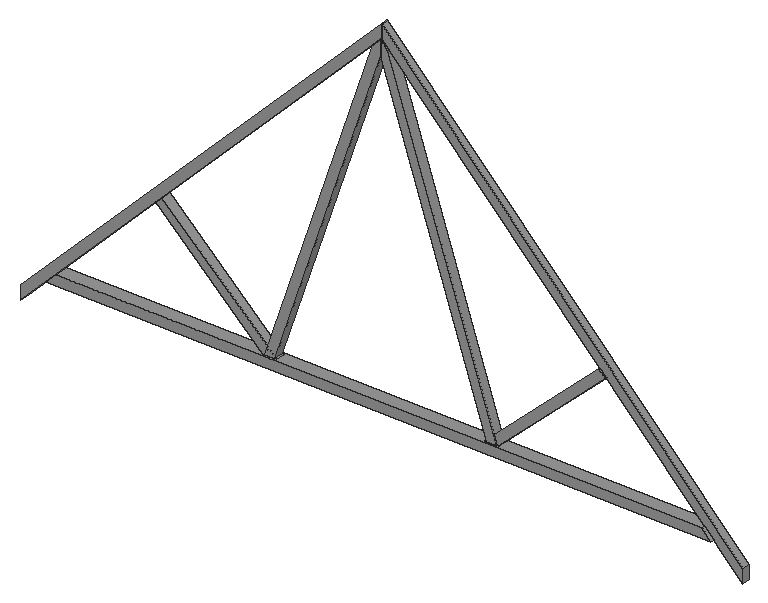
Revit family "FinkTruss", category Structural Framing, Revit 2022
Family settings
  Section Shape = Not Defined
  Material for Model Behavior = Wood
  Always export as geometry = No
  OmniClass Number = 23.25.30.21.14
  OmniClass Title = Trussed Beams and Joists
  Work Plane-Based = No
  Always vertical = Yes
  Cut with Voids When Loaded = No
  Symbolic Representation = From Family
  Shared = No
  Show family pre-cut in plan views = Yes
Parameters
  WebWidth [instance] = 100 mm
  WebDepth [instance] = 100 mm
  T_Volume [instance] = 0.00 m³
  TopWidth [instance] = 75 mm
  Structural Material [instance] = Poche
  SpanRight [instance] = 3500 mm
  SpanLeft [instance] = 3500 mm
  Span [instance] = SpanLeft + SpanRight  # 7000 mm
  SlopeRight [instance] = 45.00°
  SlopeLeft [instance] = 45.00°
  OverhangRight [instance] = 300 mm
  OverhangLeft [instance] = 300 mm
  TopDepth [instance] = 100 mm
  BottomWidth [instance] = 150 mm
  BottomDepth [instance] = 100 mm
Reference planes
  plane 1 "Center (Front/Back)": y = 0
  plane 2: z = 0
  plane 3 "Center (Left/Right)": x = 0
  plane 4: x = -3500
  plane 5: x = 3500
  plane 6: x = 3800
  plane 7: x = -3800
  plane 8: z = 100
  plane 9: x = 1166.667
  plane 10: x = -1166.667
  plane 11: x = 2333.333
  plane 12: x = -2333.333
Forms (mm)
  Extrusion 1, solid, material "Cherry"
    sketch origin (0, 0, 0) x (1, 0, 0) y (0, 0, 1)
      loop
        line (-3800, -300) -> (0, 3500) -> (0, 3641.421) -> (-3800, -158.579) -> (-3800, -300)
    from -37.5 to 37.5
  Extrusion 2, solid, material "Cherry"
    sketch origin (0, 0, 0) x (1, 0, 0) y (0, 0, 1)
      loop
        line (3800, -300) -> (3800, -158.579) -> (0, 3641.421) -> (0, 3500) -> (3800, -300)
    from -37.5 to 37.5
  Extrusion 3, solid, material "Cherry"
    sketch origin (0, 0, 0) x (1, 0, 0) y (0, 0, 1)
      loop
        line (-3500, 0) -> (3500, 0) -> (3400, 100) -> (-3400, 100) -> (-3500, 0)
    from -75 to 75
  Extrusion 4, solid, material "Cherry"
    sketch origin (0, 0, 0) x (1, 0, 0) y (0, 0, 1)
      loop
        line (1240.766, 100) -> (2368.724, 1131.276) -> (2297.943, 1202.057) -> (1092.567, 100) -> (1240.766, 100)
    from -50 to 50
  Extrusion 5, solid, material "Cherry"
    sketch origin (0, 0, 0) x (1, 0, 0) y (0, 0, 1)
      loop
        line (0, 3345.946) -> (0, 3500) -> (-80.476, 3419.524) -> (-1219.528, 100) -> (-1113.805, 100) -> (0, 3345.946)
    from -50 to 50
  Extrusion 6, solid, material "Cherry"
    sketch origin (0, 0, 0) x (1, 0, 0) y (0, 0, 1)
      loop
        line (-1092.567, 100) -> (-2297.943, 1202.057) -> (-2368.724, 1131.276) -> (-1240.766, 100) -> (-1092.567, 100)
    from -50 to 50
  Extrusion 7, solid, material "Cherry"
    sketch origin (0, 0, 0) x (1, 0, 0) y (0, 0, 1)
      loop
        line (80.476, 3419.524) -> (0, 3500) -> (0, 3345.946) -> (1113.805, 100) -> (1219.528, 100) -> (80.476, 3419.524)
    from -50 to 50
Lines and regions (mm)
  reference lines
    curve 1: line (3500, 0, 0) -> (1307.969, 0, 2192.031)
    curve 2: line (-3500, 0, 0) -> (-1025.126, 0, 2474.874)
    curve 3: line (3535.636, 0, 105.785) -> (-8.024, 0, 3649.445)
    curve 4: line (-3495.19, 0, 146.231) -> (-66.332, 0, 3575.09)
    curve 5: line (0, 37.5, 1939.254) -> (0, 37.5, -520.746)
    curve 6: line (0, -37.5, 1939.254) -> (0, -37.5, -520.746)
    curve 7: line (0, 0, 3500) -> (1166.667, 0, 100)
    curve 8: line (1166.667, 0, 100) -> (2333.333, 0, 1166.667)
    curve 9: line (-39.357, 0, 3460.643) -> (1148.103, 0, 0.046)
    curve 10: line (1104.505, 0, 110.915) -> (2298.87, 0, 1202.906)
    curve 11: line (1222.587, 0, 83.379) -> (2367.796, 0, 1130.428)
    curve 12: line (0, 0, 3500) -> (-1166.667, 0, 100)
    curve 13: line (-1166.667, 0, 100) -> (-2333.333, 0, 1166.667)
    curve 14: line (-46.606, 0, 3518.23) -> (-1222.714, 0, 90.716)
    curve 15: line (-399.352, 0, 2182.119) -> (-1150.677, 0, -7.455)
    curve 16: line (-1108.733, 0, 114.78) -> (-2297.76, 0, 1201.891)
    curve 17: line (-1221.7, 0, 82.568) -> (-2368.907, 0, 1131.443)
    curve 18: line (0, -50, 1939.254) -> (0, -50, -520.746)
    curve 19: line (0, -75, 1939.254) -> (0, -75, -520.746)
    curve 20: line (0, 50, 1939.254) -> (0, 50, -520.746)
    curve 21: line (0, 75, 1939.254) -> (0, 75, -520.746)
    curve 22: line (21.367, 0, 3591.784) -> (1215.075, 0, 112.979)
Dimensions and locks
  "SpanLeft": plane 3 "Center (Left/Right)" to plane 5
  "SpanRight": plane 3 "Center (Left/Right)" to plane 4
  "OverhangLeft": plane 5 to plane 6
  "OverhangRight": plane 7 to plane 4
  "BottomDepth": level to plane 8
  "TopDepth": curve 1 to curve 3
  "TopDepth": curve 4 to curve 2
  plane 3 "Center (Left/Right)" to plane 4 = 3500 mm
  plane 3 "Center (Left/Right)" to plane 5 = 3500 mm
  equal spacing: curve 5, curve 4, curve 6
  "TopWidth": curve 5 to curve 6
  equal spacing: plane 5, plane 11, plane 9, plane 3 "Center (Left/Right)"
  equal spacing: plane 3 "Center (Left/Right)", plane 10, plane 12, plane 4
  equal spacing: curve 11, curve 8, curve 10
  "WebDepth": curve 11 to curve 10
  equal spacing: curve 14, curve 12, curve 15
  "WebDepth": curve 14 to curve 15
  equal spacing: curve 16, curve 13, curve 17
  "WebDepth": curve 16 to curve 17
  equal spacing: curve 20, curve 4, curve 18
  "WebWidth": curve 20 to curve 18
  equal spacing: curve 21, curve 4, curve 19
  "BottomWidth": curve 21 to curve 19
  equal spacing: curve 9, curve 7, curve 22
  "WebDepth": curve 9 to curve 22
  "SlopeLeft": angle level to curve 1
  "SlopeRight": angle curve 2 to level
  aligned and locked: plane 2 to level
  aligned and locked: Extrusion 1 sketch curve to curve 2
  aligned and locked: Extrusion 1 sketch curve to curve 4
  aligned and locked: Extrusion 1 sketch curve to curve 6
  aligned and locked: plane 7 to Extrusion 1 sketch curve
  aligned and locked: Extrusion 1 to curve 5
  aligned and locked: Extrusion 1 to curve 6
  aligned and locked: Extrusion 2 sketch curve to curve 1
  aligned and locked: Extrusion 2 sketch curve to curve 3
  aligned and locked: Extrusion 2 sketch curve to curve 6
  aligned and locked: Extrusion 2 sketch curve to plane 6
  aligned and locked: Extrusion 2 to curve 5
  aligned and locked: Extrusion 2 to curve 6
  aligned and locked: Extrusion 3 sketch curve to level
  aligned and locked: Extrusion 3 sketch curve to plane 8
  aligned and locked: Extrusion 1 to Extrusion 3 sketch curve
  aligned and locked: Extrusion 2 to Extrusion 3 sketch curve
  aligned and locked: plane 8 to curve 7
  aligned and locked: plane 9 to curve 7
  aligned and locked: plane 10 to curve 12
  aligned and locked: Extrusion 3 to curve 19
  aligned and locked: curve 21 to Extrusion 3
  aligned and locked: curve 11 to Extrusion 4 sketch curve
  aligned and locked: Extrusion 4 sketch curve to curve 10
  aligned and locked: Extrusion 3 to Extrusion 4 sketch curve
  aligned and locked: Extrusion 2 to Extrusion 4 sketch curve
  aligned and locked: Extrusion 5 sketch curve to curve 15
  aligned and locked: curve 14 to Extrusion 5 sketch curve
  aligned and locked: Extrusion 5 sketch curve to plane 3 "Center (Left/Right)"
  aligned and locked: Extrusion 3 to Extrusion 5 sketch curve
  aligned and locked: Extrusion 1 to Extrusion 5 sketch curve
  aligned and locked: Extrusion 6 sketch curve to curve 16
  aligned and locked: curve 17 to Extrusion 6 sketch curve
  aligned and locked: Extrusion 1 to Extrusion 6 sketch curve
  aligned and locked: Extrusion 3 to Extrusion 6 sketch curve
  aligned and locked: curve 22 to Extrusion 7 sketch curve
  aligned and locked: curve 9 to Extrusion 7 sketch curve
  aligned and locked: Extrusion 7 sketch curve to Extrusion 2
  aligned and locked: Extrusion 7 sketch curve to curve 19
  aligned and locked: Extrusion 3 to Extrusion 7 sketch curve
  aligned and locked: curve 20 to Extrusion 4
  aligned and locked: Extrusion 4 to curve 18
  aligned and locked: curve 20 to Extrusion 6
  aligned and locked: Extrusion 6 to curve 18
  aligned and locked: Extrusion 5 to Extrusion 4  (x2)
  aligned and locked: Extrusion 7 to Extrusion 4
  aligned and locked: Extrusion 7 to Extrusion 5
Automatic sketch dimensions
  curve 2 to level = 0 mm
  plane 4 to curve 2 = 0 mm
  plane 12 to curve 13 = 0 mm
  curve 12 to plane 3 "Center (Left/Right)" = 0 mm
  curve 8 to plane 11 = 0 mm
  curve 1 to level = 0 mm
  plane 5 to curve 1 = 0 mm
  curve 13 to plane 8 = 0 mm
  curve 4 to plane 4 = 4.81 mm
  plane 12 to curve 17 = 35.573 mm
  curve 16 to plane 12 = 35.573 mm
  curve 14 to plane 8 = 9.284 mm
  curve 17 to plane 8 = 17.432 mm
  curve 15 to level = 7.455 mm
  curve 15 to plane 3 "Center (Left/Right)" = 399.352 mm
  curve 4 to plane 3 "Center (Left/Right)" = 66.332 mm
  curve 14 to plane 3 "Center (Left/Right)" = 46.606 mm
  curve 3 to plane 3 "Center (Left/Right)" = 8.024 mm
  plane 3 "Center (Left/Right)" to curve 22 = 21.367 mm
  plane 8 to curve 10 = 10.915 mm
  level to curve 9 = 0.046 mm
  plane 8 to curve 22 = 12.979 mm
  curve 11 to plane 8 = 16.621 mm
  curve 10 to plane 11 = 34.463 mm
  plane 11 to curve 11 = 34.463 mm
  plane 8 to curve 3 = 5.785 mm
  curve 21 to level = 520.746 mm
  curve 5 to curve 21 = 0 mm  (x2)
  curve 19 to curve 5 = 0 mm
  curve 19 to curve 6 = 0 mm  (x2)
  curve 18 to curve 19 = 0 mm  (x2)
  curve 21 to curve 20 = 0 mm
  plane 8 to curve 6 = 1839.254 mm
  curve 6 to curve 20 = 0 mm
  curve 6 to curve 21 = 0 mm
